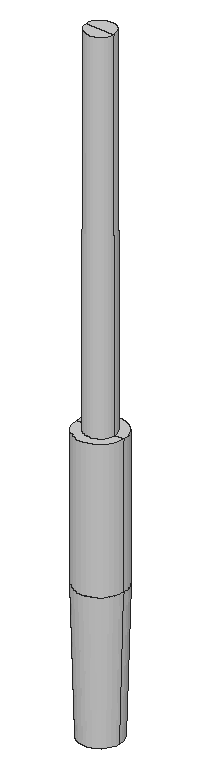
Revit family "MF_SHE-BOLT TIE 0,5 (20'')_1904419", category Generic Models, Revit 2018
Family settings
  Can host rebar = No
  Round Connector Dimension = Use Diameter
  Part Type = Normal
  OmniClass Number = 35.51.14.00
  OmniClass Title = FORMWORK
  Work Plane-Based = Yes
  Always vertical = No
  Cut with Voids When Loaded = No
  Shared = Yes
  Room Calculation Point = No
Parameters
  VERSION = "20190101"  # constant formula
  URL = "www.ulmaconstruction.com/en"
  UNICLASS = ""
  ITEM_CODE = "1904419"
  Manufacturer = "ULMA CONSTRUCTION"  # constant formula
  FILTER [instance] = ""
  Default Elevation = 0"
  CLASSIFICATION_TITLE = ""
  CLASSIFICATION_NUMBER = ""
Reference planes (in)
  plane 1 "Centro (Frontal/Posterior)": y = 0
  plane 2: z = 0
  plane 3 "Centro (Izquierda/Derecha)": x = 0
  plane 4 "0": z = -9.05512
  plane 5 "ITEM_LENGTH": z = 10.94488
  plane 6 "TIE ROD TOP": z = -6.69291
Forms (in)
  Revolve 1, solid, material "ULMA ZINC"
    sketch origin (0, 0, 0) x (1, 0, 0) y (0, 0, 1)
      loop
        line (0, -9.05512) -> (0, 10.94488) -> (-0.43867, 10.94488) -> (-0.45276, -0.3937) -> (-0.74803, -0.3937) -> (-0.74803, -4.72441) -> (-0.62773, -9.05512) -> (0, -9.05512)
      axis (0, 10.94488) -> (0, -9.05512)
    angle from 0 to 360
Lines and regions (in)
  model lines, style "ULMA TIE ROD", detail levels fine
    curve 1: circle (0, 0, -6.69291) r 0.69291 normal (0, 0, 1)
    curve 2: circle (0, 0, -9.05512) r 0.4626 normal (0, 0, 1)
Dimensions and locks (in)
  plane 5 "ITEM_LENGTH" to plane 4 "0" = 20"
  locked: plane 6 "TIE ROD TOP" to plane 4 "0" at 2.3622
  aligned and locked: level to plane 2
  aligned and locked: plane 4 "0" to Revolve 1
  aligned and locked: plane 5 "ITEM_LENGTH" to Revolve 1
